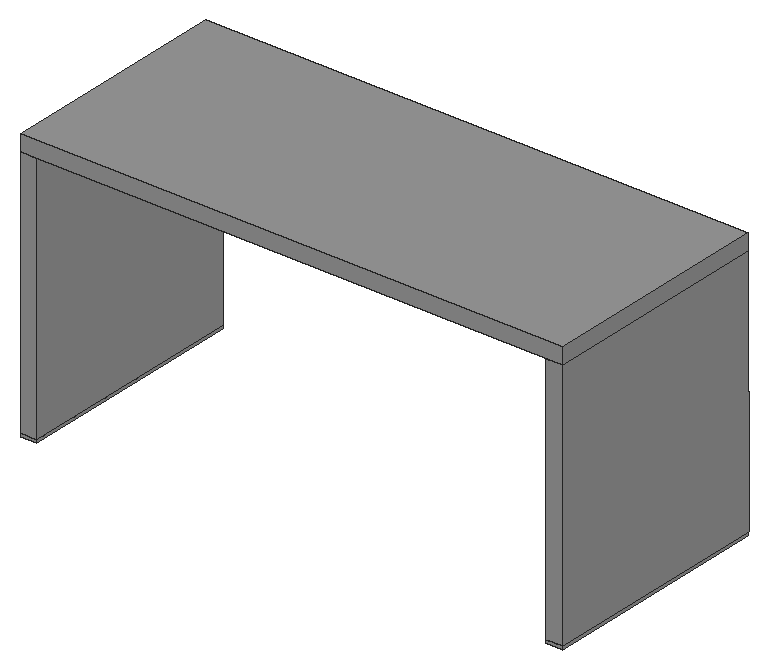
Revit family "Cocoon Community Table 36x84x42", category Generic Models, Revit 2018
Family settings
  Can host rebar = No
  Round Connector Dimension = Use Diameter
  Part Type = Normal
  Work Plane-Based = No
  Always vertical = Yes
  Cut with Voids When Loaded = No
  Shared = No
  Room Calculation Point = No
Parameters
  Frame = Cocoon Community Table 36x84x42 Frame
  Surface = Cocoon Community Table 36x84x42 Surface
Reference planes (in)
  plane 1 "Center (Front/Back)": y = 0
  plane 2: z = 0
  plane 3 "Center (Left/Right)": x = 0
Forms (in)
  Extrusion 1, solid, material "Cocoon Community Table 36x84x42 Frame" <- "Frame"
    sketch origin (0, 0, 0) x (1, 0, 0) y (0, 0, 1)
      loop
        line (-42, 0.5) -> (-42, 0) -> (-39.5, 0) -> (-39.5, 0.5) -> (-42, 0.5)
      loop
        line (42, 0.5) -> (39.5, 0.5) -> (39.5, 0) -> (42, 0) -> (42, 0.5)
    from -18 to 18
  Extrusion 2, solid, material "Cocoon Community Table 36x84x42 Surface" <- "Surface"
    sketch origin (0, 0, 13) x (1, 0, 0) y (0, 0, 1)
      loop
        line (-42, 29) -> (-42, 26.5) -> (42, 26.5) -> (42, 29) -> (-42, 29)
    from -18 to 18
  Extrusion 3, solid, material "Cocoon Community Table 36x84x42 Frame" <- "Frame"
    sketch origin (0, 0, 0) x (1, 0, 0) y (0, 0, 1)
      loop
        line (-42, 39.5) -> (-42, 0.5) -> (-39.5, 0.5) -> (-39.5, 39.5) -> (-42, 39.5)
      loop
        line (39.5, 39.5) -> (39.5, 0.5) -> (42, 0.5) -> (42, 39.5) -> (39.5, 39.5)
    from -18 to 18
  Extrusion 4, solid, material "Cocoon Community Table 36x84x42 Frame" <- "Frame"
    sketch origin (0, 0, 0) x (0, 1, 0) y (0, 0, 1)
      loop
        line (1.25, 39.5) -> (-1.25, 39.5) -> (-1.25, 27.5) -> (1.25, 27.5) -> (1.25, 39.5)
    from -39.5 to 39.5
Dimensions and locks (in)
  aligned and locked: plane 2 to level
